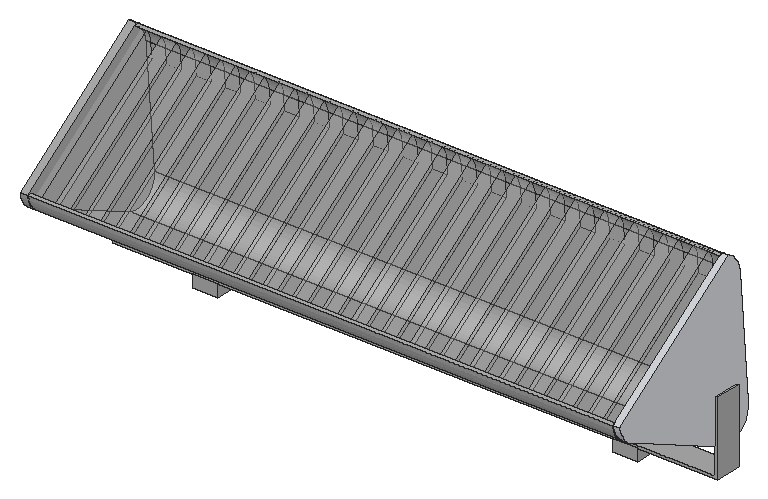
Revit family "AKTHLCE250", category Lighting Fixtures, host Face, Revit 2012
Parameters (values of type "AKTHLCE250")
  Wattage Comments = "50W"
  Wattage = 50 W
  built-in parameter 1150110 = 1 (stored number, unit not read)
  built-in parameter 1114217 = 1 (stored number, unit not read)
  Tilt Angle = -90.00°
  built-in parameter 1150109 = 1 (stored number, unit not read)
  built-in parameter 1150134 = 3
  built-in parameter 1150113 = 1 (stored number, unit not read)
  Photometric Web File = "generic"
  built-in parameter 1150142 = (empty or 0)
  built-in parameter 1150105 = 591.03 (stored number, unit not read)
  Lumens = 7427.1 lm
  built-in parameter 1150115 = 1 (stored number, unit not read)
  built-in parameter 1150137 = (empty or 0)
  built-in parameter 1150139 = (empty or 0)
  built-in parameter 1150112 = 1 (stored number, unit not read)
  built-in parameter 1150114 = 1 (stored number, unit not read)
  built-in parameter 1150132 = (empty or 0)
  built-in parameter 1150102 = (empty or 0)
  built-in parameter 1150107 = 3200 (stored number, unit not read)
  built-in parameter 1150138 = (empty or 0)
  built-in parameter 1150106 = 5.9103 (stored number, unit not read)
  Finish = Diecast Aluminium
  URL = "http://www.prescolite.com"
  Product Page URL = "http://www.prescolite.com/products/wall_wash/"
  Product Documentation Link = ""
  Model = "AKTHLCE250"  # constant formula
  Manufacturer Phone = "864-678-1000"  # constant formula
  Manufacturer Fax = "864-678-1065"  # constant formula
  Manufacturer = "Prescolite"  # constant formula
  Lamp = "2"
  Family = "CFL Wall Wash"
  Emit from Line Length = 24"
  built-in parameter 1150104 = 13.8 (stored number, unit not read)
  Dimming Lamp Color Temperature Shift = <None>
  Description = "Two High Lumen CFL RS Lamp upto 50W"  # constant formula
  Default Elevation = 48"
  Color Filter = 16777215
  Blades = Metallic specular clear
  built-in parameter 1114218 = 1 (stored number, unit not read)
  built-in parameter 1150133 = 10 (stored number, unit not read)
Reference planes (in)
  plane 1 "Center (Front/Back)": y = 0
  plane 2: z = 0
  plane 3 "Center (Left/Right)": x = 0.0375
  plane 4: z = 0
  plane 5: x = -12.2125
  plane 6: x = 12.2875
  plane 7: z = 8.5
Forms (in)
  Extrusion 1, solid, material "Diecast Aluminium" <- "Finish"
    sketch origin (0, 0, 0) x (1, 0, 0) y (0, 0, 1)
      loop
        line (-12.2125, 3.48908) -> (-12.2125, 0.5) -> (12.2875, 0.5) -> (12.2875, 3.48908) -> (12.18594, 3.48908) -> (12.18594, 0.60156) -> (-12.11094, 0.60156) -> (-12.11094, 3.48908) -> (-12.2125, 3.48908)
    from -0.5291 to 0.52581
  Extrusion 2, solid, material "Diecast Aluminium" <- "Finish"
    sketch origin (0.0375, 0.54026, 0.05678) x (0, -0.978148, -0.207912) y (0, 0.207912, -0.978148)
      loop
        line (-1.12135, -2.30106) -> (-1.72645, -7.22926)
        arc (-1.72645, -7.22926) -> (-1.66045, -7.72731) -> (-1.36058, -8.13041) r 1
        line (-1.36058, -8.13041) -> (4.83249, -5.50161)
        arc (4.83249, -5.50161) -> (4.75083, -5.00589) -> (4.43841, -4.61244) r 1
        line (4.43841, -4.61244) -> (0.47302, -1.6243)
        arc (0.47302, -1.6243) -> (-0.51953, -1.50243) -> (-1.12135, -2.30106) r 1
    from -12.14844 to -11.85
  Extrusion 3, solid, material "Diecast Aluminium" <- "Finish"
    sketch origin (0.0375, 0.54026, 0.05678) x (0, -0.978148, -0.207912) y (0, -0.207912, 0.978148)
      loop
        line (-1.72645, 7.22926) -> (-1.12135, 2.30106)
        arc (-1.12135, 2.30106) -> (-0.51953, 1.50243) -> (0.47302, 1.6243) r 1
        line (0.47302, 1.6243) -> (4.43841, 4.61244)
        arc (4.43841, 4.61244) -> (4.75083, 5.00589) -> (4.83249, 5.50161) r 1
        line (4.83249, 5.50161) -> (4.72463, 5.54739)
        arc (4.72463, 5.54739) -> (4.66881, 5.07253) -> (4.37729, 4.69355) r 0.89844
        line (4.37729, 4.69355) -> (0.41189, 1.70541)
        arc (0.41189, 1.70541) -> (-0.47985, 1.59592) -> (-1.02054, 2.31344) r 0.89844
        line (-1.02054, 2.31344) -> (-1.62565, 7.24164)
        arc (-1.62565, 7.24164) -> (-1.55596, 7.71365) -> (-1.25444, 8.08341) r 0.89844
        line (-1.25444, 8.08341) -> (-1.36216, 8.12914)
        arc (-1.36216, 8.12914) -> (-1.66083, 7.72637) -> (-1.72645, 7.22926) r 1
    from -11.85 to 11.85
  Extrusion 4, solid
    sketch origin (0.0375, 0.54026, 0.05678) x (0, -0.978148, -0.207912) y (0, -0.207912, 0.978148)
      loop
        arc (-1.12135, 2.30106) -> (-0.51953, 1.50243) -> (0.47302, 1.6243) r 1
        line (0.47302, 1.6243) -> (4.43841, 4.61244)
        arc (4.43841, 4.61244) -> (4.75083, 5.00589) -> (4.83249, 5.50161) r 1
        line (4.83249, 5.50161) -> (-1.36058, 8.13041)
        arc (-1.36058, 8.13041) -> (-1.66045, 7.72731) -> (-1.72645, 7.22926) r 1
        line (-1.72645, 7.22926) -> (-1.12135, 2.30106)
    from -12.14844 to -11.85
  Extrusion 5, solid, material "Diecast Aluminium" <- "Finish"
    sketch origin (0.0375, 0.54026, 0.05678) x (0, -0.978148, -0.207912) y (0, -0.207912, 0.978148)
      loop
        arc (-1.12135, 2.30106) -> (-0.51953, 1.50243) -> (0.47302, 1.6243) r 1
        line (0.47302, 1.6243) -> (4.43841, 4.61244)
        arc (4.43841, 4.61244) -> (4.75083, 5.00589) -> (4.83249, 5.50161) r 1
        line (4.83249, 5.50161) -> (-1.36058, 8.13041)
        arc (-1.36058, 8.13041) -> (-1.66045, 7.72731) -> (-1.72645, 7.22926) r 1
        line (-1.72645, 7.22926) -> (-1.12135, 2.30106)
    from -12.14844 to -11.85
  Extrusion 6, solid, material "Metallic specular clear" <- "Blades"
    sketch origin (0.0375, 0.54026, 0.05678) x (0, -0.978148, -0.207912) y (0, -0.207912, 0.978148)
      loop
        line (-1.62565, 7.24164) -> (-1.5513, 6.63613) -> (3.89007, 4.3264) -> (4.37729, 4.69355)
        arc (4.37729, 4.69355) -> (4.57369, 4.89738) -> (4.69693, 5.15221) r 0.89844
        line (4.69693, 5.15221) -> (-1.51776, 7.79019)
        arc (-1.51776, 7.79019) -> (-1.61545, 7.52452) -> (-1.62565, 7.24164) r 0.89844
    from -11.85 to 11.85
  Extrusion 7, void
    sketch origin (23.11659, 0.54026, 0.05678) x (0, -0.978148, -0.207912) y (0, -0.207912, 0.978148)
      loop
        line (4.72953, 5.31183) -> (-1.42558, 7.92452)
        arc (-1.42558, 7.92452) -> (-1.5961, 7.60373) -> (-1.62565, 7.24164) r 0.89844
        line (-1.62565, 7.24164) -> (-1.5513, 6.63613) -> (3.89007, 4.3264) -> (4.37729, 4.69355)
        arc (4.37729, 4.69355) -> (4.61723, 4.96633) -> (4.72953, 5.31183) r 0.89844
    from 11.34594 to 11.93581
  Extrusion 8, void
    sketch origin (0.36659, 0.54026, 0.05678) x (0, -0.978148, -0.207912) y (0, -0.207912, 0.978148)
      loop
        line (4.72953, 5.31183) -> (-1.42558, 7.92452)
        arc (-1.42558, 7.92452) -> (-1.5961, 7.60373) -> (-1.62565, 7.24164) r 0.89844
        line (-1.62565, 7.24164) -> (-1.5513, 6.63613) -> (3.89007, 4.3264) -> (4.37729, 4.69355)
        arc (4.37729, 4.69355) -> (4.61723, 4.96633) -> (4.72953, 5.31183) r 0.89844
    from 11.34594 to 11.93581
  Extrusion 9, void
    sketch origin (21.91923, 0.54026, 0.05678) x (0, -0.978148, -0.207912) y (0, -0.207912, 0.978148)
      loop
        line (4.72953, 5.31183) -> (-1.42558, 7.92452)
        arc (-1.42558, 7.92452) -> (-1.5961, 7.60373) -> (-1.62565, 7.24164) r 0.89844
        line (-1.62565, 7.24164) -> (-1.5513, 6.63613) -> (3.89007, 4.3264) -> (4.37729, 4.69355)
        arc (4.37729, 4.69355) -> (4.61723, 4.96633) -> (4.72953, 5.31183) r 0.89844
    from 11.34594 to 11.93581
  Extrusion 10, void
    sketch origin (20.72186, 0.54026, 0.05678) x (0, -0.978148, -0.207912) y (0, -0.207912, 0.978148)
      loop
        line (4.72953, 5.31183) -> (-1.42558, 7.92452)
        arc (-1.42558, 7.92452) -> (-1.5961, 7.60373) -> (-1.62565, 7.24164) r 0.89844
        line (-1.62565, 7.24164) -> (-1.5513, 6.63613) -> (3.89007, 4.3264) -> (4.37729, 4.69355)
        arc (4.37729, 4.69355) -> (4.61723, 4.96633) -> (4.72953, 5.31183) r 0.89844
    from 11.34594 to 11.93581
  Extrusion 11, void
    sketch origin (19.52449, 0.54026, 0.05678) x (0, -0.978148, -0.207912) y (0, -0.207912, 0.978148)
      loop
        line (4.72953, 5.31183) -> (-1.42558, 7.92452)
        arc (-1.42558, 7.92452) -> (-1.5961, 7.60373) -> (-1.62565, 7.24164) r 0.89844
        line (-1.62565, 7.24164) -> (-1.5513, 6.63613) -> (3.89007, 4.3264) -> (4.37729, 4.69355)
        arc (4.37729, 4.69355) -> (4.61723, 4.96633) -> (4.72953, 5.31183) r 0.89844
    from 11.34594 to 11.93581
  Extrusion 12, void
    sketch origin (18.32712, 0.54026, 0.05678) x (0, -0.978148, -0.207912) y (0, -0.207912, 0.978148)
      loop
        line (4.72953, 5.31183) -> (-1.42558, 7.92452)
        arc (-1.42558, 7.92452) -> (-1.5961, 7.60373) -> (-1.62565, 7.24164) r 0.89844
        line (-1.62565, 7.24164) -> (-1.5513, 6.63613) -> (3.89007, 4.3264) -> (4.37729, 4.69355)
        arc (4.37729, 4.69355) -> (4.61723, 4.96633) -> (4.72953, 5.31183) r 0.89844
    from 11.34594 to 11.93581
  Extrusion 13, void
    sketch origin (17.12975, 0.54026, 0.05678) x (0, -0.978148, -0.207912) y (0, -0.207912, 0.978148)
      loop
        line (4.72953, 5.31183) -> (-1.42558, 7.92452)
        arc (-1.42558, 7.92452) -> (-1.5961, 7.60373) -> (-1.62565, 7.24164) r 0.89844
        line (-1.62565, 7.24164) -> (-1.5513, 6.63613) -> (3.89007, 4.3264) -> (4.37729, 4.69355)
        arc (4.37729, 4.69355) -> (4.61723, 4.96633) -> (4.72953, 5.31183) r 0.89844
    from 11.34594 to 11.93581
  Extrusion 14, void
    sketch origin (15.93238, 0.54026, 0.05678) x (0, -0.978148, -0.207912) y (0, -0.207912, 0.978148)
      loop
        line (4.72953, 5.31183) -> (-1.42558, 7.92452)
        arc (-1.42558, 7.92452) -> (-1.5961, 7.60373) -> (-1.62565, 7.24164) r 0.89844
        line (-1.62565, 7.24164) -> (-1.5513, 6.63613) -> (3.89007, 4.3264) -> (4.37729, 4.69355)
        arc (4.37729, 4.69355) -> (4.61723, 4.96633) -> (4.72953, 5.31183) r 0.89844
    from 11.34594 to 11.93581
  Extrusion 15, void
    sketch origin (14.73501, 0.54026, 0.05678) x (0, -0.978148, -0.207912) y (0, -0.207912, 0.978148)
      loop
        line (4.72953, 5.31183) -> (-1.42558, 7.92452)
        arc (-1.42558, 7.92452) -> (-1.5961, 7.60373) -> (-1.62565, 7.24164) r 0.89844
        line (-1.62565, 7.24164) -> (-1.5513, 6.63613) -> (3.89007, 4.3264) -> (4.37729, 4.69355)
        arc (4.37729, 4.69355) -> (4.61723, 4.96633) -> (4.72953, 5.31183) r 0.89844
    from 11.34594 to 11.93581
  Extrusion 16, void
    sketch origin (13.53765, 0.54026, 0.05678) x (0, -0.978148, -0.207912) y (0, -0.207912, 0.978148)
      loop
        line (4.72953, 5.31183) -> (-1.42558, 7.92452)
        arc (-1.42558, 7.92452) -> (-1.5961, 7.60373) -> (-1.62565, 7.24164) r 0.89844
        line (-1.62565, 7.24164) -> (-1.5513, 6.63613) -> (3.89007, 4.3264) -> (4.37729, 4.69355)
        arc (4.37729, 4.69355) -> (4.61723, 4.96633) -> (4.72953, 5.31183) r 0.89844
    from 11.34594 to 11.93581
  Extrusion 17, void
    sketch origin (12.34028, 0.54026, 0.05678) x (0, -0.978148, -0.207912) y (0, -0.207912, 0.978148)
      loop
        line (4.72953, 5.31183) -> (-1.42558, 7.92452)
        arc (-1.42558, 7.92452) -> (-1.5961, 7.60373) -> (-1.62565, 7.24164) r 0.89844
        line (-1.62565, 7.24164) -> (-1.5513, 6.63613) -> (3.89007, 4.3264) -> (4.37729, 4.69355)
        arc (4.37729, 4.69355) -> (4.61723, 4.96633) -> (4.72953, 5.31183) r 0.89844
    from 11.34594 to 11.93581
  Extrusion 18, void
    sketch origin (11.14291, 0.54026, 0.05678) x (0, -0.978148, -0.207912) y (0, -0.207912, 0.978148)
      loop
        line (4.72953, 5.31183) -> (-1.42558, 7.92452)
        arc (-1.42558, 7.92452) -> (-1.5961, 7.60373) -> (-1.62565, 7.24164) r 0.89844
        line (-1.62565, 7.24164) -> (-1.5513, 6.63613) -> (3.89007, 4.3264) -> (4.37729, 4.69355)
        arc (4.37729, 4.69355) -> (4.61723, 4.96633) -> (4.72953, 5.31183) r 0.89844
    from 11.34594 to 11.93581
  Extrusion 19, void
    sketch origin (9.94554, 0.54026, 0.05678) x (0, -0.978148, -0.207912) y (0, -0.207912, 0.978148)
      loop
        line (4.72953, 5.31183) -> (-1.42558, 7.92452)
        arc (-1.42558, 7.92452) -> (-1.5961, 7.60373) -> (-1.62565, 7.24164) r 0.89844
        line (-1.62565, 7.24164) -> (-1.5513, 6.63613) -> (3.89007, 4.3264) -> (4.37729, 4.69355)
        arc (4.37729, 4.69355) -> (4.61723, 4.96633) -> (4.72953, 5.31183) r 0.89844
    from 11.34594 to 11.93581
  Extrusion 20, void
    sketch origin (8.74817, 0.54026, 0.05678) x (0, -0.978148, -0.207912) y (0, -0.207912, 0.978148)
      loop
        line (4.72953, 5.31183) -> (-1.42558, 7.92452)
        arc (-1.42558, 7.92452) -> (-1.5961, 7.60373) -> (-1.62565, 7.24164) r 0.89844
        line (-1.62565, 7.24164) -> (-1.5513, 6.63613) -> (3.89007, 4.3264) -> (4.37729, 4.69355)
        arc (4.37729, 4.69355) -> (4.61723, 4.96633) -> (4.72953, 5.31183) r 0.89844
    from 11.34594 to 11.93581
  Extrusion 21, void
    sketch origin (7.5508, 0.54026, 0.05678) x (0, -0.978148, -0.207912) y (0, -0.207912, 0.978148)
      loop
        line (4.72953, 5.31183) -> (-1.42558, 7.92452)
        arc (-1.42558, 7.92452) -> (-1.5961, 7.60373) -> (-1.62565, 7.24164) r 0.89844
        line (-1.62565, 7.24164) -> (-1.5513, 6.63613) -> (3.89007, 4.3264) -> (4.37729, 4.69355)
        arc (4.37729, 4.69355) -> (4.61723, 4.96633) -> (4.72953, 5.31183) r 0.89844
    from 11.34594 to 11.93581
  Extrusion 22, void
    sketch origin (6.35344, 0.54026, 0.05678) x (0, -0.978148, -0.207912) y (0, -0.207912, 0.978148)
      loop
        line (4.72953, 5.31183) -> (-1.42558, 7.92452)
        arc (-1.42558, 7.92452) -> (-1.5961, 7.60373) -> (-1.62565, 7.24164) r 0.89844
        line (-1.62565, 7.24164) -> (-1.5513, 6.63613) -> (3.89007, 4.3264) -> (4.37729, 4.69355)
        arc (4.37729, 4.69355) -> (4.61723, 4.96633) -> (4.72953, 5.31183) r 0.89844
    from 11.34594 to 11.93581
  Extrusion 23, void
    sketch origin (5.15607, 0.54026, 0.05678) x (0, -0.978148, -0.207912) y (0, -0.207912, 0.978148)
      loop
        line (4.72953, 5.31183) -> (-1.42558, 7.92452)
        arc (-1.42558, 7.92452) -> (-1.5961, 7.60373) -> (-1.62565, 7.24164) r 0.89844
        line (-1.62565, 7.24164) -> (-1.5513, 6.63613) -> (3.89007, 4.3264) -> (4.37729, 4.69355)
        arc (4.37729, 4.69355) -> (4.61723, 4.96633) -> (4.72953, 5.31183) r 0.89844
    from 11.34594 to 11.93581
  Extrusion 24, void
    sketch origin (3.9587, 0.54026, 0.05678) x (0, -0.978148, -0.207912) y (0, -0.207912, 0.978148)
      loop
        line (4.72953, 5.31183) -> (-1.42558, 7.92452)
        arc (-1.42558, 7.92452) -> (-1.5961, 7.60373) -> (-1.62565, 7.24164) r 0.89844
        line (-1.62565, 7.24164) -> (-1.5513, 6.63613) -> (3.89007, 4.3264) -> (4.37729, 4.69355)
        arc (4.37729, 4.69355) -> (4.61723, 4.96633) -> (4.72953, 5.31183) r 0.89844
    from 11.34594 to 11.93581
  Extrusion 25, void
    sketch origin (2.76133, 0.54026, 0.05678) x (0, -0.978148, -0.207912) y (0, -0.207912, 0.978148)
      loop
        line (4.72953, 5.31183) -> (-1.42558, 7.92452)
        arc (-1.42558, 7.92452) -> (-1.5961, 7.60373) -> (-1.62565, 7.24164) r 0.89844
        line (-1.62565, 7.24164) -> (-1.5513, 6.63613) -> (3.89007, 4.3264) -> (4.37729, 4.69355)
        arc (4.37729, 4.69355) -> (4.61723, 4.96633) -> (4.72953, 5.31183) r 0.89844
    from 11.34594 to 11.93581
  Extrusion 26, void
    sketch origin (1.56396, 0.54026, 0.05678) x (0, -0.978148, -0.207912) y (0, -0.207912, 0.978148)
      loop
        line (4.72953, 5.31183) -> (-1.42558, 7.92452)
        arc (-1.42558, 7.92452) -> (-1.5961, 7.60373) -> (-1.62565, 7.24164) r 0.89844
        line (-1.62565, 7.24164) -> (-1.5513, 6.63613) -> (3.89007, 4.3264) -> (4.37729, 4.69355)
        arc (4.37729, 4.69355) -> (4.61723, 4.96633) -> (4.72953, 5.31183) r 0.89844
    from 11.34594 to 11.93581
  Extrusion 27, solid, material "Diecast Aluminium" <- "Finish"
    sketch origin (0, 0, 0) x (1, 0, 0) y (0, 0, 1)
      loop
        line (-8.9625, 0.5) -> (-8.9625, 0) -> (-7.9625, 0) -> (-7.9625, 0.5) -> (-8.9625, 0.5)
      loop
        line (9.0375, 0.5) -> (8.0375, 0.5) -> (8.0375, 0) -> (9.0375, 0) -> (9.0375, 0.5)
    from -0.5291 to 0.52581
Cuts and joins
  joined: Extrusion 2, Extrusion 5
  Extrusion 7, Extrusion 8, Extrusion 9, Extrusion 10, Extrusion 11, Extrusion 12, Extrusion 13, Extrusion 14, Extrusion 15, Extrusion 16, Extrusion 17, Extrusion 18, Extrusion 19, Extrusion 20, Extrusion 21, Extrusion 22, Extrusion 23, Extrusion 24, Extrusion 25, Extrusion 26 cuts Extrusion 3
  Extrusion 7, Extrusion 8, Extrusion 9, Extrusion 10, Extrusion 11, Extrusion 12, Extrusion 13, Extrusion 14, Extrusion 15, Extrusion 16, Extrusion 17, Extrusion 18, Extrusion 19, Extrusion 20, Extrusion 21, Extrusion 22, Extrusion 23, Extrusion 24, Extrusion 25, Extrusion 26 cuts Extrusion 6
Dimensions and locks (in)
  locked: plane 5 to plane 3 "Center (Left/Right)" at 12.25
  locked: plane 6 to plane 5 at 24.5
  locked: plane 7 to plane 4 at 8.5
  equal spacing: group 2, group 20, group 19, group 18, group 17, group 16, group 15, group 14, group 13, group 12, group 11, group 10, group 9, group 8, group 7, group 6, group 5, group 4, group 3, group 1
  equal spacing: group 1, group 3, group 4, group 5, group 6, group 7, group 8, group 9, group 10, group 11, group 12, group 13, group 14, group 15, group 16, group 17, group 18, group 19, group 20, group 2  (x2)
  aligned and locked: plane 2 to host face
  aligned and locked: level to host face
  aligned and locked: Extrusion 1 sketch curve to plane 5
  aligned and locked: plane 6 to Extrusion 1 sketch curve
  aligned and locked: Extrusion 1 sketch curve to plane 6
  aligned and locked: Extrusion 1 to Extrusion 1
  aligned and locked: Extrusion 2 to Extrusion 1
  aligned and locked: Extrusion 3 to Extrusion 2
  aligned and locked: Extrusion 3 to Extrusion 5
  aligned and locked: Extrusion 3 to cut or joined group of Extrusion 2, Extrusion 5
  aligned and locked: Extrusion 6 sketch curve to Extrusion 3  (x3)
  aligned and locked: Extrusion 3 to Extrusion 6 sketch curve
  aligned and locked: Extrusion 3 to Extrusion 6  (x2)
  aligned and locked: Extrusion 1 to Extrusion 27 sketch curve  (x3)
  aligned and locked: level to Extrusion 27 sketch curve
  aligned and locked: Extrusion 27 sketch curve to level
  aligned and locked: Extrusion 27 sketch curve to Extrusion 1
  aligned and locked: host face to Extrusion 27 sketch curve
  aligned and locked: Extrusion 1 to Extrusion 27  (x2)
Connectors (in)
  electrical at (0, 0, 0)
    settings: index 1, voltage 0 V, apparent load 0 VA, apparent load phase1 0 VA, apparent load phase2 0 VA, apparent load phase3 0 VA, power factor 1, load classification "Other", number of poles 1, system type 31, power factor state 1, is connector primary yes, connector utility no, sub classification motor no, connector description ""
